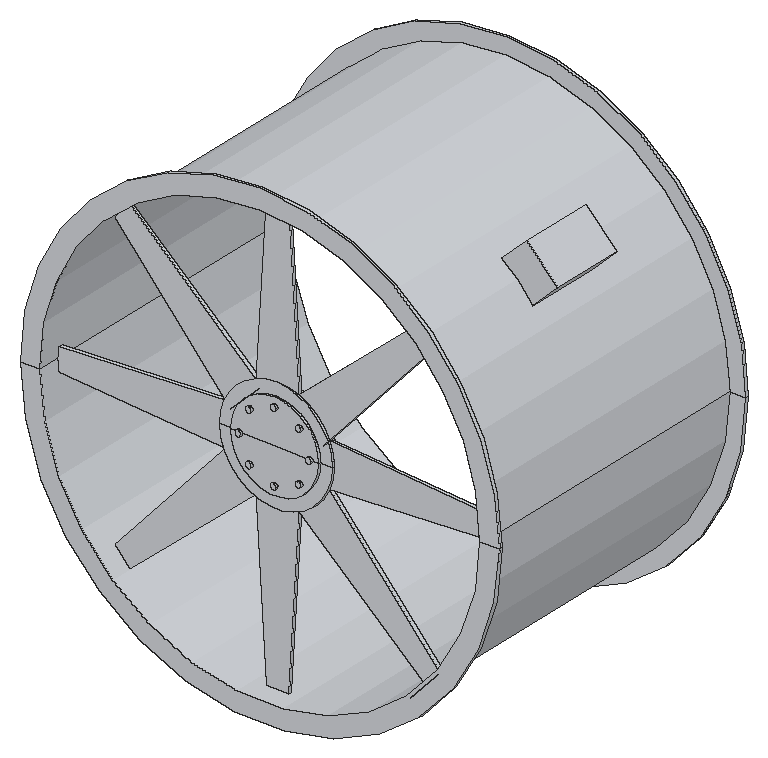
Revit family "CADS_Vent-Axia_MechEquip_Fan_LCA_800_3Ph4P - SUPPLY", category Mechanical Equipment, Revit 2020
Family settings
  Round Connector Dimension = Use Diameter
  Part Type = Normal
  OmniClass Number = 23.75.00.00
  OmniClass Title = Climate Control (HVAC)
  Work Plane-Based = No
  Always vertical = Yes
  Cut with Voids When Loaded = No
  Shared = No
  Room Calculation Point = No
Parameters (values of type "LCA803410")
  nr = NominalDiameter / 2  # 400 mm
  WorkingPressure = 0.0 Pa
  WarrantyStartDate [instance] = "1900-12-31T23:59:59"
  WarrantyPeriod = ""
  WarrantyIdentifier = "N/A"
  WarrantyGuarantorParts = "tech@vent-axia.com"
  WarrantyGuarantorLabor = "tech@vent-axia.com"
  WarrantyGuarantor = "Vent-Axia Limited"
  WarrantyEndDate [instance] = "1900-12-31T23:59:59"
  WarrantyContent = ""
  TemperatureRange = ""
  TagNumber [instance] = "N/A"
  SustainabilityPerformance = ""
  Status = "New"
  Size = ""
  Shape = ""
  ServiceLifeType = ""
  ServiceLifeDuration = ""
  SerialNumber [instance] = "N/A"
  ReplacementCost = ""
  RatedVoltage = 0 V
  RatedCurrent = 0 A
  Quantity = 1
  ProductionYear = ""
  PressureCurve = ""
  PowerFactor = ""
  PointOfContact = ""
  NumberOfPoles = 0
  NominalWidth = 800 mm
  NominalLength = 565 mm
  NominalHeight = 800 mm
  NominalFrequencyRange = ""
  NominalDiameter = 800 mm
  ModelReference = "LCAX 800mm 3PH 4P 10DEG"
  ModelNumber = "LCA803410"
  Material = ""
  ManufacturerE-Mail = "tech@vent-axia.com"
  ManufacturerAddress = "Fleming Way\nCrawley \nRH10 9YX"
  IsExtendedWarranty = no
  InsulationStandardClass = ""
  InstallationDate [instance] = "1900-12-31T23:59:59"
  IfcExportType [instance] = ""
  IfcExportAs = "IfcFanType"
  IP_Code = ""
  HasProtectiveEarth = no
  GrossWeight = 0.00 kg
  Grade = ""
  GlobalTradeItemNumber [instance] = "N/A"
  Fitting Type = "Ignore"
  Finish = ""
  Features = ""
  ExteriorInsulation = no
  ExpectedServiceLife = 0
  Exclusions = ""
  DurationUnit = "Year"
  Default Elevation = 0 mm
  Constituents = ""
  ConductorFunction = ""
  Color = ""
  CodePerformance = ""
  Category = ""
  CADS_Usage = 0
  CADS_Index = 0
  AssetType = "FIXED"
  AssetIdentifier [instance] = "N/A"
  AssemblyPlace = "UNKNOWN"
  ArticleNumber [instance] = "N/A"
  AirflowRateRange = 0.0 L/s
  Air Flow [instance] = 0.0 L/s
  AccessibilityPerformance = ""
Types (16, lengths in mm): name | ModelReference | ModelNumber
  LCA803410 | "LCAX 800mm 3PH 4P 10DEG" | "LCA803410"
  LCA803412 | "LCAX 800mm 3PH 4P 12DEG" | "LCA803412"
  LCA803414 | "LCAX 800mm 3PH 4P 14DEG" | "LCA803414"
  LCA803416 | "LCAX 800mm 3PH 4P 16DEG" | "LCA803416"
  LCA803418 | "LCAX 800mm 3PH 4P 18DEG" | "LCA803418"
  LCA803420 | "LCAX 800mm 3PH 4P 20DEG" | "LCA803420"
  LCA803422 | "LCAX 800mm 3PH 4P 22DEG" | "LCA803422"
  LCA803424 | "LCAX 800mm 3PH 4P 24DEG" | "LCA803424"
  LCA803426 | "LCAX 800mm 3PH 4P 26DEG" | "LCA803426"
  LCA803428 | "LCAX 800mm 3PH 4P 28DEG" | "LCA803428"
  LCA803430 | "LCAX 800mm 3PH 4P 30DEG" | "LCA803430"
  LCA803432 | "LCAX 800mm 3PH 4P 32DEG" | "LCA803432"
  LCA803434 | "LCAX 800mm 3PH 4P 34DEG" | "LCA803434"
  LCA803436 | "LCAX 800mm 3PH 4P 36DEG" | "LCA803436"
  LCA803438 | "LCAX 800mm 3PH 4P 38DEG" | "LCA803438"
  LCA803440 | "LCAX 800mm 3PH 4P 40DEG" | "LCA803440"
Reference planes
  plane 1 "Center (Front/Back)": y = 0
  plane 2: z = 0
  plane 3 "Center (Left/Right)": x = 0
  plane 4: x = -400
  plane 5: x = 400
  plane 6 "F": y = -282.5
  plane 7 "B": y = 282.5
  plane 8: x = -435
  plane 9: y = 277.5
  plane 10: y = -277.5
  plane 11: x = -405
  plane 12: y = -242.5
  plane 13 "top": z = 400
  plane 14: z = -400
  plane 15 "45deg": through (0, -1524, 0) normal (-0.7071, 0, -0.7071)
  plane 16 "C": through (0, -1524, 0) normal (-0.7071, 0, 0.7071)
Forms (mm)
  Revolve 1, solid
    sketch origin (0, 0, 0) x (1, 0, 0) y (0, 1, 0)
      loop
        line (-435, -282.5) -> (-400, -282.5) -> (-400, 282.5) -> (-435, 282.5) -> (-435, 277.5) -> (-405, 277.5) -> (-405, -277.5) -> (-435, -277.5) -> (-435, -282.5)
      axis (0, 282.5) -> (0, -282.5)
    angle from 0 to 360
  Sweep 2, solid
    path origin (0, 0, 0) x (1, 0, 0) y (0, 0, 1)
      loop
        line (282.843, 282.843) -> (328.805, 328.805)
    profile origin (305.824, 0, 305.824) x (-0.707107, 0, 0.707107) y (0, -1, 0)
      loop
        line (37.5, 55) -> (-42.73, 55) -> (-42.73, -79.5) -> (37.5, -79.5) -> (37.5, 55)
Dimensions and locks
  equal spacing: plane 4, plane 3 "Center (Left/Right)", plane 5
  equal spacing: plane 7 "B", plane 1 "Center (Front/Back)", plane 6 "F"
  "NominalLength": plane 7 "B" to plane 6 "F"
  "NominalDiameter": plane 4 to plane 5
  locked: plane 11 to plane 4 at 5
  locked: plane 8 to plane 11 at 30
  locked: plane 6 "F" to plane 10 at 5
  locked: plane 7 "B" to plane 9 at 5
  locked: plane 6 "F" to plane 12 at 40
  equal spacing: plane 13 "top", level, plane 14
  "NominalDiameter": plane 13 "top" to plane 14
  "nr": Sweep 2 sketch curve to nested 13
  Sweep 2 sketch curve to Sweep 2 sketch curve = 65 mm
  aligned and locked: level to plane 2
  aligned and locked: nested 1 to plane 12
Automatic sketch dimensions
  plane 6 "F" to Revolve 1 sketch curve = 0 mm
  Revolve 1 sketch curve to plane 8 = 0 mm  (x2)
  plane 10 to Revolve 1 sketch curve = 0 mm
  Revolve 1 sketch curve to plane 11 = 0 mm
  Revolve 1 sketch curve to plane 4 = 0 mm
  Revolve 1 sketch curve to plane 3 "Center (Left/Right)" = 0 mm
  plane 1 "Center (Front/Back)" to Revolve 1 sketch curve = 0 mm
  Revolve 1 sketch curve to plane 9 = 0 mm
  Revolve 1 sketch curve to plane 7 "B" = 0 mm
  plane 6 "F" to Revolve 1 sketch curve = 115 mm
  plane 1 "Center (Front/Back)" to Sweep 2 sketch curve = 55 mm
  Sweep 2 sketch curve to profile plane = 37.5 mm
  Sweep 2 sketch curve to Sweep 2 sketch curve = 80.23 mm
  Sweep 2 sketch curve to Sweep 2 sketch curve = 134.5 mm
  Sweep 2 sketch curve to plane 16 "C" = 0 mm  (x2)
Nested families
  nested 1: "Fan for ESC" at (0, -242.5, 0), ND <- "NominalDiameter", type "Fan for ESC"
    with hub 80 mm, ND 800 mm, BoltPCD 64 mm, Bolt Count 8, B_Diam 10 mm
  nested 2: "Bolts" at (0, -251.672, -64) x (-1, 0, 0) z (0, 1, 0), type "Bolts"
    with bd 10 mm
  nested 3: "Bolts" at (-45.255, -251.672, -45.255) x (-0.7071, 0, 0.7071) z (0, 1, 0), type "Bolts"
    with bd 10 mm
  nested 4: "Bolts" at (-64, -251.672, 0) x (0, 0, 1) z (0, 1, 0), type "Bolts"
    with bd 10 mm
  nested 5: "Bolts" at (-45.255, -251.672, 45.255) x (0.7071, 0, 0.7071) z (0, 1, 0), type "Bolts"
    with bd 10 mm
  nested 6: "Bolts" at (45.255, -251.672, 45.255) x (0.7071, 0, -0.7071) z (0, 1, 0), type "Bolts"
    with bd 10 mm
  nested 7: "Bolts" at (0, -251.672, 64) x (1, 0, 0) z (0, 1, 0), type "Bolts"
    with bd 10 mm
  nested 8: "ESC Blade" at (0, -242.5, 0), type "ESC Blade"
    with a 20.00°, HR 80 mm, HD 160 mm, BT 40 mm, BR 320 mm, BH 40 mm, BD 800 mm, BB 80 mm
  nested 9: "ESC Blade" at (0, -242.5, 0) x (0.7071, 0, -0.7071) z (0.7071, 0, 0.7071), type "ESC Blade"
    with a 20.00°, HR 80 mm, HD 160 mm, BT 40 mm, BR 320 mm, BH 40 mm, BD 800 mm, BB 80 mm
  nested 10: "ESC Blade" at (0, -242.5, 0) x (0, 0, -1) z (1, 0, 0), type "ESC Blade"
    with a 20.00°, HR 80 mm, HD 160 mm, BT 40 mm, BR 320 mm, BH 40 mm, BD 800 mm, BB 80 mm
  nested 11: "ESC Blade" at (0, -242.5, 0) x (-0.7071, 0, -0.7071) z (0.7071, 0, -0.7071), type "ESC Blade"
    with a 20.00°, HR 80 mm, HD 160 mm, BT 40 mm, BR 320 mm, BH 40 mm, BD 800 mm, BB 80 mm
  nested 12: "ESC Blade" at (0, -242.5, 0) x (-1, 0, 0) z (0, 0, -1), type "ESC Blade"
    with a 20.00°, HR 80 mm, HD 160 mm, BT 40 mm, BR 320 mm, BH 40 mm, BD 800 mm, BB 80 mm
  nested 13: "ESC Blade" at (0, -242.5, 0) x (-0.7071, 0, -0.7071) z (-0.7071, 0, 0.7071), type "ESC Blade"
    with a 20.00°, HR 80 mm, HD 160 mm, BT 40 mm, BR 320 mm, BH 40 mm, BD 800 mm, BB 80 mm
  nested 14: "ESC Blade" at (0, -242.5, 0) x (0, 0, -1) z (-1, 0, 0), type "ESC Blade"
    with a 20.00°, HR 80 mm, HD 160 mm, BT 40 mm, BR 320 mm, BH 40 mm, BD 800 mm, BB 80 mm
  nested 15: "ESC Blade" at (0, -242.5, 0) x (0.7071, 0, -0.7071) z (-0.7071, 0, -0.7071), type "ESC Blade"
    with a 20.00°, HR 80 mm, HD 160 mm, BT 40 mm, BR 320 mm, BH 40 mm, BD 800 mm, BB 80 mm
  nested 16: "Bolts" at (64, -251.672, 0) x (0, 0, -1) z (0, 1, 0), type "Bolts"
    with bd 10 mm
  nested 17: "Bolts" at (45.255, -251.672, -45.255) x (-0.7071, 0, -0.7071) z (0, 1, 0), type "Bolts"
    with bd 10 mm
Connectors
  hvac at (0, -282.5, 0), driven by "NominalDiameter", driven by "Air Flow"
    settings: on Revolve 1, index 1, duct flow 0.0 L/s, flow factor 0, pres drop 0.0 Pa, loss coef 0, conn angle 0.00°, conn width 304.8 mm, conn height 304.8 mm, conn diameter 800 mm, duct sys type 1, conn prof type 0, flow config 1, flow direction 1, loss method 0, conn ref index -1, conn util no, is conn primary yes, conn desc ""
  hvac at (0, 282.5, 0), driven by "NominalDiameter", driven by "Air Flow"
    settings: on Revolve 1, index 2, duct flow 0.0 L/s, flow factor 0, pres drop 0.0 Pa, loss coef 0, conn angle 0.00°, conn width 304.8 mm, conn height 304.8 mm, conn diameter 800 mm, duct sys type 1, conn prof type 0, flow config 0, flow direction 2, loss method 0, conn ref index -1, conn util no, is conn primary no, conn desc ""
Definition of nested family "Fan for ESC"
  Parameters (values of type "Fan for ESC")
    hub [instance] = ND / 10  # 56.7 mm
    ND [instance] = 567 mm
    Model = "."
    Default Elevation = 0 mm
    BoltPCD [instance] = hub - (hub * 0.2)  # 45.36 mm
    Bolt Count [instance] = if(hub < 50 mm, 6, 8)  # 8
    B_Diam [instance] = if(hub < 50 mm, 5 mm, 10 mm)  # 10 mm
  Reference planes
    plane 1 "Center (Front/Back)": y = 0
    plane 2: z = 0
    plane 3 "Center (Left/Right)": x = 0
    plane 4 "back": y = 20
    plane 5 "bolts": y = -9.172
    plane 6 "B": z = 56.7
    plane 7: x = -79.287
    plane 8: x = -56.7
    plane 9 "hubface": y = -6.172
  Forms (mm)
    Revolve 1, solid
      sketch origin (0, 0, 0) x (1, 0, 0) y (0, 1, 0)
        loop
          line (0, 20) -> (-56.7, 20) -> (-56.7, 10.504) -> (-79.287, 10.504) -> (-79.287, -2.597) -> (-56.7, -2.597) -> (-56.7, -6.172) -> (0, -6.172) -> (0, 20)
        axis (0, 20) -> (0, -6.172)
      angle from 0 to 360
    Extrusion 2, solid, not visible
      sketch origin (0, -6.347, -4) x (-1, 0, 0) y (0, 0, 1)
        loop
          circle (0, 84) r 5
      from 0 to 3
  Lines and regions (mm)
    symbolic lines
      curve 1: circle (0, -9.172, 0) r 45.36 normal (0, 1, 0)
    model lines, not visible
      curve 2: line (0, -6.347, 85) -> (0, -6.347, 75)
  Dimensions and locks
    "hub": plane 6 "B" to plane 2
    "hub": nested 3 to plane 3 "Center (Left/Right)"
    "hub": nested 4 to plane 3 "Center (Left/Right)"
    "hub": nested 5 to plane 3 "Center (Left/Right)"
    "hub": plane 3 "Center (Left/Right)" to nested 6
    "hub": Revolve 1 sketch curve to Revolve 1 sketch curve
    "hub": plane 3 "Center (Left/Right)" to nested 7
    "hub": plane 3 "Center (Left/Right)" to nested 8
    "hub": plane 3 "Center (Left/Right)" to nested 9
    "hub": plane 8 to plane 3 "Center (Left/Right)"
    plane 7 to plane 8 = 22.587 mm
    diameter of Extrusion 2 sketch curve = 10 mm
    "BoltPCD": radius of curve 1
    "BoltPCD": radius of radial array
    aligned and locked: level to plane 2
    aligned and locked: plane 6 "B" to nested 1
  Automatic sketch dimensions
    Revolve 1 sketch curve to plane 7 = 0 mm
    Revolve 1 sketch curve to plane 8 = 0 mm  (x2)
    Revolve 1 sketch curve to plane 3 "Center (Left/Right)" = 0 mm
    Revolve 1 sketch curve to plane 9 "hubface" = 0 mm
    plane 4 "back" to Revolve 1 sketch curve = 0 mm
    plane 1 "Center (Front/Back)" to Revolve 1 sketch curve = 2.597 mm
    plane 4 "back" to Revolve 1 sketch curve = 9.496 mm
    Revolve 1 sketch curve to Revolve 1 sketch curve = 5 mm
    Revolve 1 sketch curve to plane 4 "back" = 45 mm
    curve 1 to level = 0 mm
    curve 1 to plane 3 "Center (Left/Right)" = 0 mm
  Nested families
    nested 1: "ESC Blade" at (0, 0, 0), BD <- "ND", HD <- "hub", type "ESC Blade"
      with a 20.00°, HR 56.7 mm, HD 113.4 mm, BT 28.35 mm, BR 226.8 mm, BH 40 mm, BD 567 mm, BB 56.7 mm
    nested 2: "ESC Blade" at (0, 0, 755), BD <- "ND", HD <- "hub", type "ESC Blade", not visible
      with a 20.00°, HR 56.7 mm, HD 113.4 mm, BT 28.35 mm, BR 226.8 mm, BH 40 mm, BD 567 mm, BB 56.7 mm
    nested 3: "ESC Blade" at (0, 0, 0) x (0.7071, 0, -0.7071) z (0.7071, 0, 0.7071), BD <- "ND", HD <- "hub", type "ESC Blade"
      with a 20.00°, HR 56.7 mm, HD 113.4 mm, BT 28.35 mm, BR 226.8 mm, BH 40 mm, BD 567 mm, BB 56.7 mm
    nested 4: "ESC Blade" at (0, 0, 0) x (0, 0, -1) z (1, 0, 0), BD <- "ND", HD <- "hub", type "ESC Blade"
      with a 20.00°, HR 56.7 mm, HD 113.4 mm, BT 28.35 mm, BR 226.8 mm, BH 40 mm, BD 567 mm, BB 56.7 mm
    nested 5: "ESC Blade" at (0, 0, 0) x (-0.7071, 0, -0.7071) z (0.7071, 0, -0.7071), BD <- "ND", HD <- "hub", type "ESC Blade"
      with a 20.00°, HR 56.7 mm, HD 113.4 mm, BT 28.35 mm, BR 226.8 mm, BH 40 mm, BD 567 mm, BB 56.7 mm
    nested 6: "ESC Blade" at (0, 0, 0) x (-1, 0, 0) z (0, 0, -1), BD <- "ND", HD <- "hub", type "ESC Blade"
      with a 20.00°, HR 56.7 mm, HD 113.4 mm, BT 28.35 mm, BR 226.8 mm, BH 40 mm, BD 567 mm, BB 56.7 mm
    nested 7: "ESC Blade" at (0, 0, 0) x (-0.7071, 0, -0.7071) z (-0.7071, 0, 0.7071), BD <- "ND", HD <- "hub", type "ESC Blade"
      with a 20.00°, HR 56.7 mm, HD 113.4 mm, BT 28.35 mm, BR 226.8 mm, BH 40 mm, BD 567 mm, BB 56.7 mm
    nested 8: "ESC Blade" at (0, 0, 0) x (0, 0, -1) z (-1, 0, 0), BD <- "ND", HD <- "hub", type "ESC Blade"
      with a 20.00°, HR 56.7 mm, HD 113.4 mm, BT 28.35 mm, BR 226.8 mm, BH 40 mm, BD 567 mm, BB 56.7 mm
    nested 9: "ESC Blade" at (0, 0, 0) x (0.7071, 0, -0.7071) z (-0.7071, 0, -0.7071), BD <- "ND", HD <- "hub", type "ESC Blade"
      with a 20.00°, HR 56.7 mm, HD 113.4 mm, BT 28.35 mm, BR 226.8 mm, BH 40 mm, BD 567 mm, BB 56.7 mm
    nested 10: "Bolts" at (0, -9.172, 45.36) x (1, 0, 0) z (0, 1, 0), bd <- "B_Diam", type "Bolts"
      with bd 10 mm
    nested 11: "Bolts" at (32.074, -9.172, 32.074) x (0.7071, 0, -0.7071) z (0, 1, 0), bd <- "B_Diam", type "Bolts"
      with bd 10 mm
    nested 12: "Bolts" at (-32.074, -9.172, 32.074) x (0.7071, 0, 0.7071) z (0, 1, 0), bd <- "B_Diam", type "Bolts"
      with bd 10 mm
    nested 13: "Bolts" at (-45.36, -9.172, 0) x (0, 0, 1) z (0, 1, 0), bd <- "B_Diam", type "Bolts"
      with bd 10 mm
    nested 14: "Bolts" at (-32.074, -9.172, -32.074) x (-0.7071, 0, 0.7071) z (0, 1, 0), bd <- "B_Diam", type "Bolts"
      with bd 10 mm
    nested 15: "Bolts" at (0, -9.172, -45.36) x (-1, 0, 0) z (0, 1, 0), bd <- "B_Diam", type "Bolts"
      with bd 10 mm
    nested 16: "Bolts" at (32.074, -9.172, -32.074) x (-0.7071, 0, -0.7071) z (0, 1, 0), bd <- "B_Diam", type "Bolts"
      with bd 10 mm
    nested 17: "Bolts" at (45.36, -9.172, 0) x (0, 0, -1) z (0, 1, 0), bd <- "B_Diam", type "Bolts"
      with bd 10 mm
  Definition of nested family "ESC Blade"
    Parameters (values of type "ESC Blade")
      a [instance] = 20.00°
      HR [instance] = HD / 2  # 30 mm
      HD [instance] = BD / 5  # 60 mm
      Default Elevation = 1219.2 mm
      BT [instance] = BD / 20  # 15 mm
      BR [instance] = (BD / 2) - HR  # 120 mm
      BH [instance] = 40 mm
      BD [instance] = 300 mm
      BB [instance] = BD / 10  # 30 mm
    Reference planes
      plane 1 "Center (Front/Back)": y = 0
      plane 2: z = 0
      plane 3 "Center (Left/Right)": x = 0
      plane 4 "Blade Bot": z = 30
      plane 5: x = -15
      plane 6: x = 15
      plane 7: x = -7.5
      plane 8: x = 7.5
    Forms (mm)
      Blend 1, solid
        base sketch origin (0, 0, 30) x (-1, 0, 0) y (0, -1, 0)
          loop
            line (15, 0) -> (-15, 0) -> (-15, -6) -> (15, -6) -> (15, 0)
        top sketch origin (0, 0, 30) x (-1, 0, 0) y (0, -1, 0)
          loop
            line (7.5, -6) -> (7.5, 0) -> (-7.5, 0) -> (-7.5, -6) -> (7.5, -6)
        from 0 to 120 <- "BR"
    Dimensions and locks
      "HR": plane 4 "Blade Bot" to level
      equal spacing: plane 8, plane 3 "Center (Left/Right)", plane 7
      "BT": plane 8 to plane 7
      equal spacing: plane 6, plane 3 "Center (Left/Right)", plane 5
      "BB": plane 6 to plane 5
      aligned and locked: level to plane 2
    Automatic sketch dimensions
      plane 1 "Center (Front/Back)" to Blend 1 sketch curve = 0 mm  (x2)
      Blend 1 sketch curve to plane 6 = 0 mm
      Blend 1 sketch curve to plane 5 = 0 mm
      Blend 1 sketch curve to plane 1 "Center (Front/Back)" = 6 mm  (x2)
      Blend 1 sketch curve to plane 8 = 0 mm
      Blend 1 sketch curve to plane 7 = 0 mm
  Definition of nested family "Bolts"
    Parameters
      bd [instance] = 10 mm
      Default Elevation = 1219.2 mm
    Reference planes
      plane 1 "Center (Front/Back)": y = 0
      plane 2: z = 0
      plane 3 "Center (Left/Right)": x = 0
    Forms (mm)
      Extrusion 1, solid
        sketch origin (0, 0, 0) x (1, 0, 0) y (0, 1, 0)
          loop
            line (-1219.2, 1219.2) -> (-1219.2, -1219.2) -> (1219.2, -1219.2) -> (1219.2, 1219.2) -> (-1219.2, 1219.2)
        from 0 to -304.8
      Extrusion 2, solid
        sketch origin (0, 0, 0) x (1, 0, 0) y (0, 1, 0)
          loop
            circle (0, 0) r 5
        from 0 to 3
    Dimensions and locks
      "bd": diameter of Extrusion 2 sketch curve
      aligned and locked: plane 2 to Extrusion 1
      aligned and locked: level to Extrusion 1
    Automatic sketch dimensions
      Extrusion 1 sketch curve to Extrusion 1 sketch curve = 2438.4 mm  (x2)
      plane 1 "Center (Front/Back)" to Extrusion 2 sketch curve = 0 mm
      Extrusion 2 sketch curve to plane 3 "Center (Left/Right)" = 0 mm
Definition of nested family "Bolts"
  Parameters
    bd [instance] = 10 mm
    Default Elevation = 1219.2 mm
  Reference planes
    plane 1 "Center (Front/Back)": y = 0
    plane 2: z = 0
    plane 3 "Center (Left/Right)": x = 0
  Forms (mm)
    Extrusion 1, solid
      sketch origin (0, 0, 0) x (1, 0, 0) y (0, 1, 0)
        loop
          line (-1219.2, 1219.2) -> (-1219.2, -1219.2) -> (1219.2, -1219.2) -> (1219.2, 1219.2) -> (-1219.2, 1219.2)
      from 0 to -304.8
    Extrusion 2, solid
      sketch origin (0, 0, 0) x (1, 0, 0) y (0, 1, 0)
        loop
          circle (0, 0) r 5
      from 0 to 3
  Dimensions and locks
    "bd": diameter of Extrusion 2 sketch curve
    aligned and locked: plane 2 to Extrusion 1
    aligned and locked: level to Extrusion 1
  Automatic sketch dimensions
    Extrusion 1 sketch curve to Extrusion 1 sketch curve = 2438.4 mm  (x2)
    plane 1 "Center (Front/Back)" to Extrusion 2 sketch curve = 0 mm
    Extrusion 2 sketch curve to plane 3 "Center (Left/Right)" = 0 mm
Definition of nested family "ESC Blade"
  Parameters (values of type "ESC Blade")
    a [instance] = 20.00°
    HR [instance] = HD / 2  # 30 mm
    HD [instance] = BD / 5  # 60 mm
    Default Elevation = 1219.2 mm
    BT [instance] = BD / 20  # 15 mm
    BR [instance] = (BD / 2) - HR  # 120 mm
    BH [instance] = 40 mm
    BD [instance] = 300 mm
    BB [instance] = BD / 10  # 30 mm
  Reference planes
    plane 1 "Center (Front/Back)": y = 0
    plane 2: z = 0
    plane 3 "Center (Left/Right)": x = 0
    plane 4 "Blade Bot": z = 30
    plane 5: x = -15
    plane 6: x = 15
    plane 7: x = -7.5
    plane 8: x = 7.5
  Forms (mm)
    Blend 1, solid
      base sketch origin (0, 0, 30) x (-1, 0, 0) y (0, -1, 0)
        loop
          line (15, 0) -> (-15, 0) -> (-15, -6) -> (15, -6) -> (15, 0)
      top sketch origin (0, 0, 30) x (-1, 0, 0) y (0, -1, 0)
        loop
          line (7.5, -6) -> (7.5, 0) -> (-7.5, 0) -> (-7.5, -6) -> (7.5, -6)
      from 0 to 120 <- "BR"
  Dimensions and locks
    "HR": plane 4 "Blade Bot" to level
    equal spacing: plane 8, plane 3 "Center (Left/Right)", plane 7
    "BT": plane 8 to plane 7
    equal spacing: plane 6, plane 3 "Center (Left/Right)", plane 5
    "BB": plane 6 to plane 5
    aligned and locked: level to plane 2
  Automatic sketch dimensions
    plane 1 "Center (Front/Back)" to Blend 1 sketch curve = 0 mm  (x2)
    Blend 1 sketch curve to plane 6 = 0 mm
    Blend 1 sketch curve to plane 5 = 0 mm
    Blend 1 sketch curve to plane 1 "Center (Front/Back)" = 6 mm  (x2)
    Blend 1 sketch curve to plane 8 = 0 mm
    Blend 1 sketch curve to plane 7 = 0 mm
